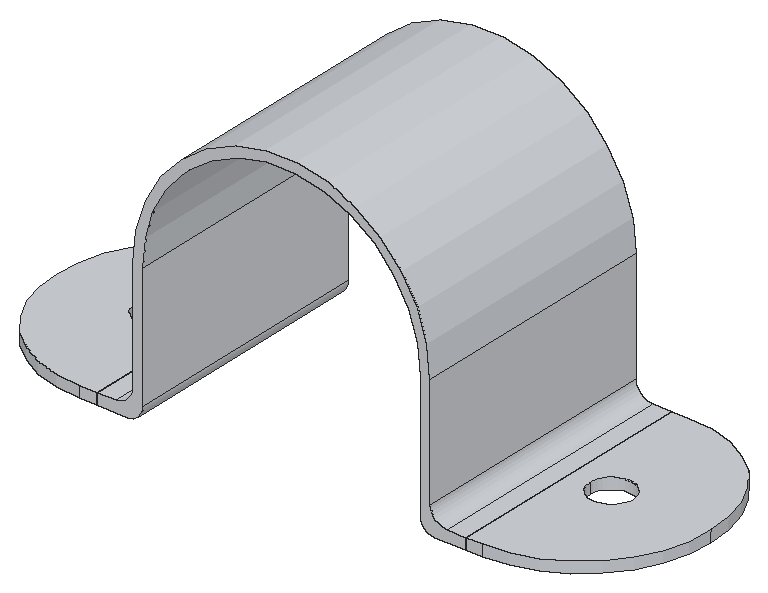
Revit family "PS1G", category Generic Models, Revit 2017
Family settings
  Can host rebar = No
  Round Connector Dimension = Use Diameter
  Part Type = Normal
  Work Plane-Based = Yes
  Always vertical = No
  Cut with Voids When Loaded = No
  Shared = No
  Room Calculation Point = No
Parameters (values of type "NBS Standard Parameters")
  Weight = "0.017Kg"
  WarrantyStartDate [instance] = "1900-12-31T23:59:59"
  WarrantyGuarantorParts = "n/a"
  WarrantyGuarantorLabor = "n/a"
  WarrantyDurationUnit = "1 year"
  WarrantyDurationParts = "n/a"
  WarrantyDurationLabor = "n/a"
  WarrantyDescription = "n/a"
  Version = "1"
  Uniclass2 = "Pr_65_70_11_20"
  TagNumber [instance] = "n/a"
  SustainabilityPerformance = "n/a"
  Size = "20mm"
  Shape = "n/a"
  SerialNumber [instance] = "n/a"
  Revision = "n/a"
  ReplacementCost = "n/a"
  ProductInformation = "www.metpro.co.uk/pdf/PS1G.pdf"
  NominalWidth = 19 mm
  NominalLength = 50 mm
  NominalHeight = 21 mm
  Name = ""
  NBSTypeID = ""
  NBSReference = "90-55-10/460"
  NBSOfficeMasterTag = ""
  NBSNote = ""
  NBSDescription = "Conduit Fittings"
  NBSCertification = ""
  ModelReference = "PS1G"
  ModelNumber = "n/a"
  Material = "Pressed Steel"
  ManufacturerURL = "www.metpro.co.uk"
  ManufacturerName = "Metpro Ltd"
  Keynote = "Compliant to LU standard 1-085"
  InstallationDate [instance] = "1900-12-31T23:59:59"
  IfcExportType = ""
  IfcExportAs = ""
  Grade = "n/a"
  Finish = "BZP"
  Features = "n/a"
  ExpectedLife = "n/a"
  DurationUnit = "year"
  Description = "PS1G  - 20mm Plain Saddle"
  Default Elevation = 1219.2 mm
  Constituents = "n/a"
  Color = "n/a"
  CodePerformance = "n/a"
  Category = "n/a"
  BarCode [instance] = "n/a"
  BIMObjectName = "metpro_metprolibrary_conduitfittings_metalcomponent_Steelaccessories"
  Author = "Metpro Ltd"
  AssetType = ""
  AssetIdentifier [instance] = "n/a"
  AccessibilityPerformance = "n/a"
Reference planes
  plane 1 "Center (Front/Back)": y = 0
  plane 2: z = 0
  plane 3 "Center (Left/Right)": x = 0
Forms (mm)
  Extrusion 1, solid
    sketch origin (0, 10.674, 7.826) x (1, 0, 0) y (0, 0, 1)
      loop
        line (10, 1.094) -> (10, -7.931)
        arc (10, -7.931) -> (10.299, -8.654) -> (11.022, -8.953) r 1.022
        line (11.022, -8.953) -> (13.292, -8.953) -> (13.292, -8.137) -> (11.908, -8.137)
        arc (11.908, -8.137) -> (11.059, -7.785) -> (10.708, -6.937) r 1.2
        line (10.708, -6.937) -> (10.708, 1.094)
        arc (10.708, 1.094) -> (0, 11.801) -> (-10.708, 1.094) r 10.708
        line (-10.708, 1.094) -> (-10.708, -6.919)
        arc (-10.708, -6.919) -> (-11.064, -7.78) -> (-11.925, -8.137) r 1.217
        line (-11.925, -8.137) -> (-13.292, -8.137) -> (-13.292, -8.953) -> (-11.048, -8.953)
        arc (-11.048, -8.953) -> (-10.307, -8.646) -> (-10, -7.906) r 1.048
        line (-10, -7.906) -> (-10, 1.094)
        arc (-10, 1.094) -> (0, 11.094) -> (10, 1.094) r 10
    from 0 to 18.5
  Extrusion 2, solid
    sketch origin (10.708, 10.674, -0.311) x (1, 0, 0) y (0, 1, 0)
      loop
        line (-25.246, -18.5) -> (-24, -18.5) -> (-24, 0) -> (-25.263, 0)
        arc (-25.263, 0) -> (-31.707, -2.723) -> (-34.246, -9.241) r 8.987
        arc (-34.246, -9.241) -> (-31.702, -15.772) -> (-25.246, -18.5) r 9.004
      loop
        line (3.849, 0) -> (2.585, 0) -> (2.585, -18.5) -> (3.823, -18.5)
        arc (3.823, -18.5) -> (10.284, -15.771) -> (12.831, -9.237) r 9.012
        arc (12.831, -9.237) -> (10.291, -2.721) -> (3.849, 0) r 8.986
      loop
        circle (5.644, -9.237) r 1.585
      loop
        circle (-27.059, -9.237) r 1.585
    from 0 to -0.8
Dimensions and locks
  aligned and locked: level to plane 2
